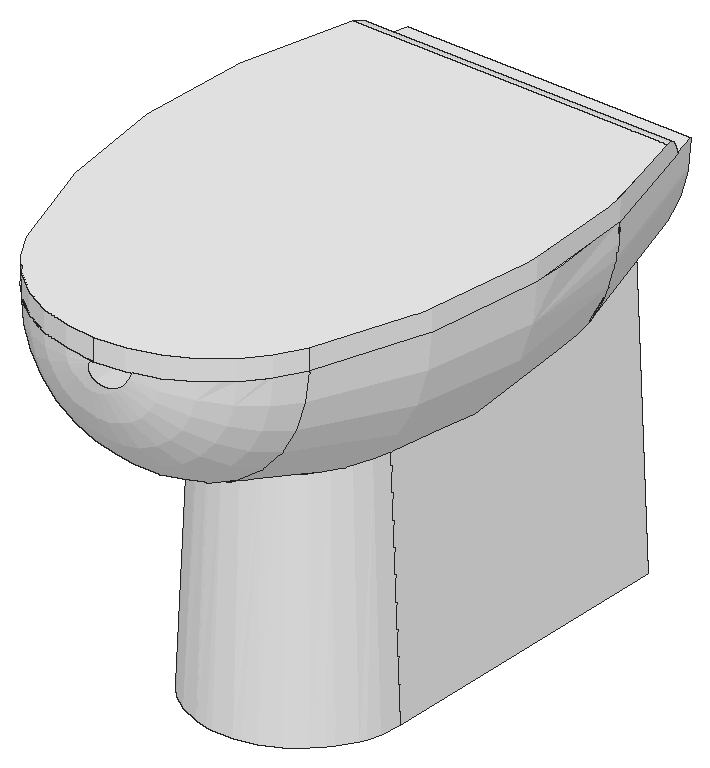
Revit family
Parameters (values of type "540 x 360mm")
  재료 좌석 = 플라스틱 - 흰색
  재료 위생 용품 = 자기
  Manufacturer = ""
  Keynote = "N13/110"
  Assembly Code = ""
Reference planes
  plane 1 "중심(앞/뒤)": y = 0
  plane 2: z = 0
  plane 3 "중심(왼쪽/오른쪽)": x = 0
Forms (mm)
  Revolve 1, solid, material "자기" <- "재료 위생 용품"
    sketch origin (0, -7.423, 390) x (1, 0, 0) y (0, 1, 0)
      loop
        arc (-174.247, -124.9) -> (-179.514, -290.639) -> (-135.875, -450.617) r 558.391
        arc (-135.875, -450.617) -> (-81.121, -515.376) -> (0, -540.098) r 150.021
        line (0, -540.098) -> (0, -520.097)
        arc (0, -520.097) -> (-70.198, -498.622) -> (-117.576, -442.547) r 130.021
        arc (-117.576, -442.547) -> (-159.862, -286.482) -> (-153.903, -124.9) r 538.391
        line (-153.903, -124.9) -> (-174.247, -124.9)
      axis (0, -540.098) -> (0, -124.9)
    angle from 0 to 180
  Extrusion 2, solid, material "플라스틱 - 흰색" <- "재료 좌석"
    sketch origin (0, -7.423, 410) x (1, 0, 0) y (0, 1, 0)
      loop
        arc (-135.875, -450.617) -> (-81.121, -515.376) -> (0, -540.098) r 150.021
        arc (0, -540.098) -> (81.121, -515.376) -> (135.875, -450.617) r 150.021
        arc (135.875, -450.617) -> (183.267, -234.843) -> (143.271, -17.577) r 558.391
        line (143.271, -17.577) -> (-143.271, -17.577)
        arc (-143.271, -17.577) -> (-183.267, -234.843) -> (-135.875, -450.617) r 558.391
    from -20 to 0
  Blend 3, solid, material "자기" <- "재료 위생 용품"
    base sketch origin (0, -132.324, 390) x (0, 0, -1) y (-1, 0, 0)
      loop
        line (0, 174.247) -> (0, -174.247)
        arc (0, -174.247) -> (174.247, 0) -> (0, 174.247) r 174.247
    top sketch origin (0, -132.324, 390) x (0, 0, -1) y (-1, 0, 0)
      loop
        line (0, 135.875) -> (0, -135.875)
        spline (0, -135.875) -> (37.529, -131.246) -> (72.5, -117.672) -> (102.53, -96.078) -> (125.574, -67.938) -> (140.059, -35.167) -> (145, 0) -> (140.059, 35.167) -> (125.574, 67.938) -> (102.53, 96.078) -> (72.5, 117.672) -> (37.529, 131.246) -> (0, 135.875)
    from 0 to 132.324
  Sweep 4, solid, material "자기" <- "재료 위생 용품"
    path origin (0, -7.423, 0) x (1, 0, 0) y (0, 1, 0)
      loop
        line (-81.095, 7.423) -> (-81.095, -289.573)
        arc (-81.095, -289.573) -> (0, -370.668) -> (81.095, -289.573) r 81.095
        line (81.095, -289.573) -> (81.095, 7.423)
    profile origin (0, -148.498, 0) x (1, 0, 0) y (0, 0, 1)
      loop
        line (-95, 0) -> (-61.095, 0) -> (-61.095, 325.717) -> (-81.095, 325.717) -> (-95, 0)
  Revolve 5, void
    sketch origin (0, -7.423, 390) x (1, 0, 0) y (0, 1, 0)
      loop
        arc (-133.932, 4.356) -> (-183.344, -222.923) -> (-135.875, -450.617) r 558.391
        arc (-135.875, -450.617) -> (-81.121, -515.376) -> (0, -540.098) r 150.021
        line (0, -540.098) -> (0, 4.356) -> (-133.932, 4.356)
      axis (0, -540.098) -> (0, 4.356)
    angle from 0 to 180
  Extrusion 6, void
    sketch origin (0, 0, 0) x (0, 1, 0) y (0, 0, 1)
      loop
        line (-25, 390) -> (-25, 410) -> (-46.668, 410)
        arc (-46.668, 410) -> (-32.26, 403.872) -> (-25, 390) r 23.261
    from -161.311 to 250
Cuts and joins
  Extrusion 6 cuts Revolve 1
  Extrusion 6 cuts Blend 3
  Revolve 5, Extrusion 6 cuts Sweep 4
  joined: Revolve 1, Blend 3, Sweep 4
  Extrusion 6 cuts Extrusion 2
Lines and regions (mm)
  Masking region 1
    outline origin (0, 0, 0) x (1, 0, 0) y (0, 1, 0)
      loop
        arc (-132.482, 0.119) -> (-183.349, -232.732) -> (-132.482, -465.582) r 558.391
        arc (-132.482, -465.582) -> (0, -547.521) -> (132.482, -465.582) r 148.071
        arc (132.482, -465.582) -> (183.349, -232.732) -> (132.482, 0.119) r 558.391
        line (132.482, 0.119) -> (-132.482, 0.119)
  symbolic lines
    curve 1: line (-30.78, -262.78, 0) -> (30.78, -262.78, 0)
    curve 2: line (30.78, -262.78, 0) -> (43.112, -275.112, 0)
    curve 3: arc (43.112, -275.112, 0) -> (56.291, -298.448, 0) -> (55.525, -325.238, 0) r 50
    curve 4: arc (55.525, -325.238, 0) -> (0.001, -366.188, 0) -> (-55.525, -325.242, 0) r 58.12
    curve 5: arc (-55.525, -325.242, 0) -> (-56.292, -298.45, 0) -> (-43.113, -275.112, 0) r 50
    curve 6: line (-43.113, -275.112, 0) -> (-30.78, -262.78, 0)
    curve 7: arc (-132.482, 0.119, 0) -> (-183.334, -228.596, 0) -> (-135.875, -458.04, 0) r 558.391
    curve 8: arc (-135.875, -458.04, 0) -> (-81.121, -522.799, 0) -> (0, -547.521, 0) r 150.021
    curve 9: arc (0, -547.521, 0) -> (81.121, -522.799, 0) -> (135.875, -458.04, 0) r 150.021
    curve 10: arc (135.875, -458.04, 0) -> (183.334, -228.596, 0) -> (132.482, 0.119, 0) r 558.391
    curve 11: arc (-66.602, -468.764, 0) -> (-119.024, -381.604, 0) -> (-126.613, -280.177, 0) r 219.88
    curve 12: arc (-126.613, -280.177, 0) -> (-83.195, -202.873, 0) -> (0, -172.221, 0) r 128.221
    curve 13: arc (0, -172.221, 0) -> (51.698, -183.104, 0) -> (94.621, -213.908, 0) r 128.221
    curve 14: arc (94.621, -213.908, 0) -> (115.473, -244.698, 0) -> (126.613, -280.177, 0) r 128.221
    curve 15: arc (126.613, -280.177, 0) -> (119.024, -381.604, 0) -> (66.602, -468.764, 0) r 219.88
    curve 16: arc (66.602, -468.764, 0) -> (36.05, -488.41, 0) -> (0, -492.852, 0) r 81.602
    curve 17: arc (0, -492.852, 0) -> (-36.05, -488.41, 0) -> (-66.602, -468.764, 0) r 81.602
    curve 18: line (-132.482, 0.119, 0) -> (132.482, 0.119, 0)
Dimensions and locks
  aligned and locked: Extrusion 2 to Revolve 1
  aligned and locked: Blend 3 to plane 1 "중심(앞/뒤)"
